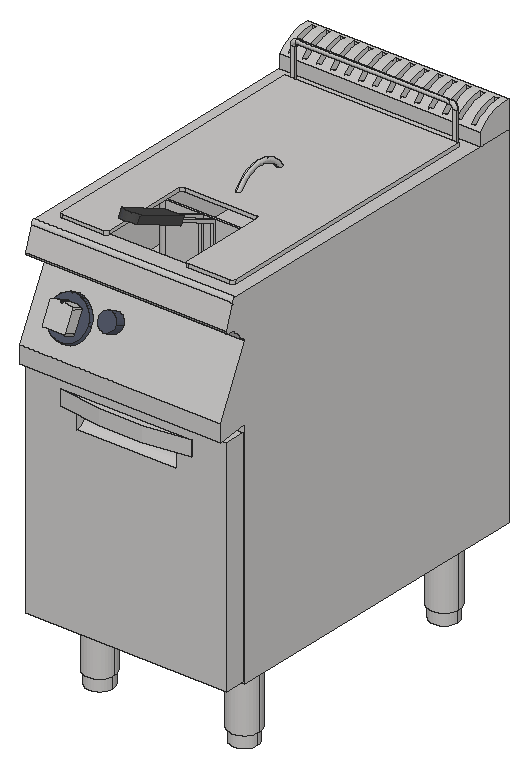
Revit family "QF_ZANUSSI_372068_Z7FRGD1BF0", category Specialty Equipment, Revit 2018
Family settings
  Round Connector Dimension = Use Diameter
  Part Type = Normal
  Work Plane-Based = No
  Always vertical = Yes
  Cut with Voids When Loaded = No
  Shared = No
  Room Calculation Point = No
Parameters
  Width = 400 mm  # constant formula
  Weight in Pounds = 88  # constant formula
  Weight = 0.00 kg
  Watts = 0 W
  Volts = 0 V
  URL Manufacturer = "http://www.zanussiprofessional.com"
  URL Cutsheet = "www.electrolux.com/foodservice"
  URL = "http://www.zanussiprofessional.com"
  Type Mark [instance] = ""
  Steam Supply Size = 0"
  Steam Supply Minimum Pressure = 0.00 psi
  Steam Supply Maximum Pressure = 0.00 psi
  Steam Pounds per Hour = 0
  Status [instance] = ""
  Specification by User [instance] = ""
  Specification by Manufacturer = ""
  Show Logo [instance] = yes
  Show Clearance [instance] = yes
  Serial Number = ""
  Seismic Rating = ""
  SMACNA No = ""
  Revision Code [instance] = ""
  Refrigeration Suction Line Size = 0"
  Refrigeration Liquid Line Size = 0"
  Refrigerant Compressor Remote = yes
  Phase = 0
  Omniclass Number and Title = ""
  NAFEM Spec ID Number = ""
  Model = "Z7FRGD1BF0"
  Mechanical Remarks [instance] = ""
  Mechanical Connection Type [instance] = ""
  Masterspec = ""
  Manufacturer = "Zanussi"
  Length Actual = 400 mm  # constant formula
  Item Number [instance] = "372068"
  Installed By [instance] = ""
  Identify Quantity as Lot [instance] = yes
  Hot Water Size = 0"
  Height Actual = 850 mm  # constant formula
  Height = 333 mm  # constant formula
  HP = "0 HP"
  Gas Size = 1/2"  # constant formula
  Gas RI Height [instance] = 0 mm
  Gas KW [instance] = 7  # constant formula
  Gas Input [instance] = 23863.0 Btu/h  # constant formula
  Gas Connection Height = 0 mm
  Furnished By [instance] = ""
  Foodservice Equipment Identifier [instance] = yes
  Direct Waste Size = 0"
  Description = "7 LITRE GAS FRYER 400 MM"
  Depth Actual = 700 mm  # constant formula
  Depth = 715 mm  # constant formula
  Cycle = 0 Hz
  Condensate Return Size = 0"
  Compressed Air Volume = 0 GPM
  Compressed Air Size = 0"
  Compressed Air Pressure = 0.00 psi
  Cold Water Size = 0"
  CSI MasterFormat = ""
  CSI Master Format = ""
  Base Height [instance] = 150 mm  # constant formula
  Accessory = yes
Reference planes
  plane 1 "BACK": y = 0
  plane 2: z = 0
  plane 3 "LEFT": x = 0
  plane 4 "RIGHT": x = 400
  plane 5 "FRONT": y = -715
  plane 6 "TOP": z = 905
  plane 7 "Center Y": x = 200
  plane 8 "Center X": y = -357.5
  plane 9 "BASETOP": z = 600
  plane 10 "TOP A": z = 850
  plane 11: y = -587.387
  plane 12: y = -90
  plane 13 "BASE": z = 150
  plane 14 "panel": through (-6096, -715, 640.508) normal (0, 0.8956, -0.4448)
Forms (mm)
  Extrusion 1, solid, material "QF_Finishes_Stainless Steel"
    sketch origin (0, 0, 0) x (0, 1, 0) y (0, 0, 1)
      loop
        line (0, 850) -> (-679.358, 850)
        arc (-679.358, 850) -> (-684.643, 847.811) -> (-686.833, 842.526) r 7.474
        line (-686.833, 842.526) -> (-699.884, 797.011)
        arc (-699.884, 797.011) -> (-699.396, 794.379) -> (-697, 793.184) r 3
        line (-697, 793.184) -> (-686.802, 793.184) -> (-654.982, 761.364) -> (-715, 640.508) -> (-715, 605.508) -> (-658.645, 613.428)
        arc (-658.645, 613.428) -> (-656.101, 612.674) -> (-655, 610.259) r 3.2
        line (-655, 610.259) -> (-655, 150) -> (0, 150) -> (0, 850)
      loop
        line (-700, 600) -> (-700, 155) -> (-660, 155) -> (-660, 600) -> (-700, 600)
    from 0 to 400
  Extrusion 2, solid, material "QF_Finishes_Stainless Steel"
    sketch origin (0, 0, 0) x (0, 1, 0) y (0, 0, 1)
      loop
        line (0, 850) -> (0, 905)
        arc (0, 905) -> (-38.078, 897.641) -> (-69.85, 875.4) r 93.057
        line (-69.85, 875.4) -> (-69.85, 850) -> (0, 850)
    from 0 to 400
  Extrusion 3, void
    sketch origin (0, 0, 850) x (-1, 0, 0) y (0, -1, 0)
      loop
        line (-33.338, 90.124) -> (-33.338, 645.265) -> (-366.662, 645.265) -> (-366.662, 90.124) -> (-33.338, 90.124)
    from 0 to -152.4
  Extrusion 4, solid, material "QF_Finishes_Stainless Steel"
    sketch origin (0, 0, 850) x (-1, 0, 0) y (0, -1, 0)
      loop
        arc (-26.988, 645.265) -> (-28.847, 649.755) -> (-33.338, 651.615) r 6.35
        line (-33.338, 651.615) -> (-115.863, 651.615)
        arc (-115.863, 651.615) -> (-120.353, 649.755) -> (-122.213, 645.265) r 6.35
        line (-122.213, 645.265) -> (-122.213, 473.512)
        arc (-122.213, 473.512) -> (-124.072, 469.021) -> (-128.563, 467.162) r 6.35
        line (-128.563, 467.162) -> (-271.437, 467.162)
        arc (-271.437, 467.162) -> (-275.928, 469.021) -> (-277.787, 473.512) r 6.35
        line (-277.787, 473.512) -> (-277.787, 645.29)
        arc (-277.787, 645.29) -> (-279.64, 649.762) -> (-284.113, 651.615) r 6.325
        line (-284.113, 651.615) -> (-366.663, 651.615)
        arc (-366.663, 651.615) -> (-371.153, 649.755) -> (-373.013, 645.265) r 6.35
        line (-373.013, 645.265) -> (-373.013, 90.124) -> (-26.988, 90.124) -> (-26.988, 645.265)
    from 0 to 6.35
  Sweep 5, solid, material "QF_Finishes_Stainless Steel"
    path origin (200, 0, 0) x (0, 1, 0) y (0, 0, 1)
      loop
        arc (-315.761, 850) -> (-370.2, 883.779) -> (-424.639, 850) r 60.757
    profile origin (200, -370.2, 883.779) x (0, 0, -1) y (1, 0, 0)
      loop
        circle (0, 0) r 4.353
  Sweep 6, solid, material "QF_Finishes_Stainless Steel"
    path origin (0, 0, 0) x (1, 0, 0) y (0, 0, 1)
      loop
        line (39.688, 846.263) -> (39.688, 911.35)
        arc (39.688, 911.35) -> (41.547, 915.84) -> (46.038, 917.7) r 6.35
        line (46.038, 917.7) -> (352.225, 917.7)
        arc (352.225, 917.7) -> (356.715, 915.84) -> (358.575, 911.35) r 6.35
        line (358.575, 911.35) -> (358.575, 846.263)
    profile origin (39.688, 0, 878.806) x (-1, 0, 0) y (0, -1, 0)
      loop
        circle (2.09, 83.254) r 3.827
  Extrusion 7, void
    sketch origin (0, 0, 850) x (-1, 0, 0) y (0, -1, 0)
      loop
        line (-13.453, 6.761) -> (-13.453, 63.911) -> (-22.749, 63.911) -> (-22.749, 6.761) -> (-13.453, 6.761)
    from 25.4 to 63.5
  Extrusion 8, void
    sketch origin (400.05, 0, 850) x (1, 0, 0) y (0, 1, 0)
      loop
        line (-13.503, -6.761) -> (-22.799, -6.761) -> (-22.799, -63.911) -> (-13.503, -63.911) -> (-13.503, -6.761)
    from 25.4 to 63.5
  Extrusion 9, void
    sketch origin (27.988, 0, 850) x (-1, 0, 0) y (0, -1, 0)
      loop
        line (-13.453, 6.761) -> (-13.453, 63.911) -> (-22.749, 63.911) -> (-22.749, 6.761) -> (-13.453, 6.761)
    from 25.4 to 63.5
  Extrusion 10, void
    sketch origin (55.977, 0, 850) x (-1, 0, 0) y (0, -1, 0)
      loop
        line (-13.453, 6.761) -> (-13.453, 63.911) -> (-22.749, 63.911) -> (-22.749, 6.761) -> (-13.453, 6.761)
    from 25.4 to 63.5
  Extrusion 11, void
    sketch origin (83.965, 0, 850) x (-1, 0, 0) y (0, -1, 0)
      loop
        line (-13.428, 6.761) -> (-13.428, 63.911) -> (-22.724, 63.911) -> (-22.724, 6.761) -> (-13.428, 6.761)
    from 25.4 to 63.5
  Extrusion 12, void
    sketch origin (111.953, 0, 850) x (-1, 0, 0) y (0, -1, 0)
      loop
        line (-13.428, 6.761) -> (-13.428, 63.911) -> (-22.724, 63.911) -> (-22.724, 6.761) -> (-13.428, 6.761)
    from 25.4 to 63.5
  Extrusion 13, void
    sketch origin (139.942, 0, 850) x (-1, 0, 0) y (0, -1, 0)
      loop
        line (-13.428, 6.761) -> (-13.428, 63.911) -> (-22.724, 63.911) -> (-22.724, 6.761) -> (-13.428, 6.761)
    from 25.4 to 63.5
  Extrusion 14, void
    sketch origin (167.93, 0, 850) x (-1, 0, 0) y (0, -1, 0)
      loop
        line (-13.428, 6.761) -> (-13.428, 63.911) -> (-22.724, 63.911) -> (-22.724, 6.761) -> (-13.428, 6.761)
    from 25.4 to 63.5
  Extrusion 15, void
    sketch origin (195.918, 0, 850) x (-1, 0, 0) y (0, -1, 0)
      loop
        line (-13.428, 6.761) -> (-13.428, 63.911) -> (-22.724, 63.911) -> (-22.724, 6.761) -> (-13.428, 6.761)
    from 25.4 to 63.5
  Extrusion 16, void
    sketch origin (223.907, 0, 850) x (-1, 0, 0) y (0, -1, 0)
      loop
        line (-13.428, 6.761) -> (-13.428, 63.911) -> (-22.724, 63.911) -> (-22.724, 6.761) -> (-13.428, 6.761)
    from 25.4 to 63.5
  Extrusion 17, void
    sketch origin (251.895, 0, 850) x (-1, 0, 0) y (0, -1, 0)
      loop
        line (-13.428, 6.761) -> (-13.428, 63.911) -> (-22.724, 63.911) -> (-22.724, 6.761) -> (-13.428, 6.761)
    from 25.4 to 63.5
  Extrusion 18, void
    sketch origin (279.884, 0, 850) x (-1, 0, 0) y (0, -1, 0)
      loop
        line (-13.403, 6.761) -> (-13.403, 63.911) -> (-22.699, 63.911) -> (-22.699, 6.761) -> (-13.403, 6.761)
    from 25.4 to 63.5
  Extrusion 19, void
    sketch origin (307.872, 0, 850) x (-1, 0, 0) y (0, -1, 0)
      loop
        line (-13.403, 6.761) -> (-13.403, 63.911) -> (-22.699, 63.911) -> (-22.699, 6.761) -> (-13.403, 6.761)
    from 25.4 to 63.5
  Extrusion 20, void
    sketch origin (335.86, 0, 850) x (-1, 0, 0) y (0, -1, 0)
      loop
        line (-13.403, 6.761) -> (-13.403, 63.911) -> (-22.699, 63.911) -> (-22.699, 6.761) -> (-13.403, 6.761)
    from 25.4 to 63.5
  Extrusion 21, solid, material "QF_Finishes_Clearance", visible <- "Show Clearance", detail levels coarse
    sketch origin (0, 0, 0) x (1, 0, 0) y (0, 1, 0)
      loop
        line (0, -715) -> (0, 0) -> (400, 0) -> (400, -715) -> (550.019, -715) -> (550.019, 150.019) -> (-150.019, 150.019) -> (-150.019, -715) -> (0, -715)
    from 0 to 905
  Extrusion 22, solid, material "QF_Finishes_Black"
    sketch origin (265.962, -698.333, 942.26) x (0, 0.906308, -0.422618) y (-1, 0, 0)
      loop
        line (10.103, 47.345) -> (128.716, 47.345) -> (128.716, 84.58) -> (10.103, 84.58)
        arc (10.103, 84.58) -> (-0.124, 65.962) -> (10.103, 47.345) r 22.059
    from -15.884 to 0
  Extrusion 23, solid, material "QF_Finishes_Stainless Steel"
    sketch origin (265.962, 41.275, 0) x (0, 1, 0) y (0, 0, 1)
      loop
        line (-537.413, 741) -> (-537.413, 842.478) -> (-624.966, 883.305) -> (-627.65, 877.55) -> (-543.763, 838.433) -> (-543.763, 741) -> (-537.413, 741)
    from -80.476 to -74.619
  Extrusion 24, solid, material "QF_Finishes_Stainless Steel"
    sketch origin (134.088, 41.275, 0) x (0, 1, 0) y (0, 0, -1)
      loop
        line (-543.763, -838.433) -> (-627.65, -877.55) -> (-624.966, -883.305) -> (-537.413, -842.478) -> (-537.413, -741) -> (-543.763, -741) -> (-543.763, -838.433)
    from -80.476 to -74.619
  Extrusion 25, solid, material "QF_Finishes_Mesh"
    sketch origin (0, 0, 850) x (-1, 0, 0) y (0, -1, 0)
      loop
        arc (-116.6, 131.498) -> (-98.64, 138.937) -> (-91.2, 156.898) r 25.4
        line (-91.2, 156.898) -> (-91.2, 473.61)
        arc (-91.2, 473.61) -> (-98.64, 491.571) -> (-116.6, 499.01) r 25.4
        line (-116.6, 499.01) -> (-294.375, 499.01)
        arc (-294.375, 499.01) -> (-312.336, 491.571) -> (-319.775, 473.61) r 25.4
        line (-319.775, 473.61) -> (-319.775, 156.898)
        arc (-319.775, 156.898) -> (-312.336, 138.937) -> (-294.375, 131.498) r 25.4
        line (-294.375, 131.498) -> (-116.6, 131.498)
      loop
        arc (-116.6, 134.673) -> (-100.885, 141.182) -> (-94.375, 156.898) r 22.225
        line (-94.375, 156.898) -> (-94.375, 473.61)
        arc (-94.375, 473.61) -> (-100.885, 489.326) -> (-116.6, 495.835) r 22.225
        line (-116.6, 495.835) -> (-294.375, 495.835)
        arc (-294.375, 495.835) -> (-310.091, 489.326) -> (-316.6, 473.61) r 22.225
        line (-316.6, 473.61) -> (-316.6, 156.898)
        arc (-316.6, 156.898) -> (-310.091, 141.182) -> (-294.375, 134.673) r 22.225
        line (-294.375, 134.673) -> (-116.6, 134.673)
    from -109 to -5.315
  Revolve 26, solid, material "QF_Finishes_Stainless Steel"
    sketch origin (0, -587.387, 608.09) x (0, 0, 1) y (-1, 0, 0)
      loop
        line (-608.09, -56) -> (-458.09, -56) -> (-458.09, -26) -> (-583.09, -26) -> (-583.09, -29.75) -> (-608.09, -29.75) -> (-608.09, -56)
      axis (-608.09, -56) -> (-458.09, -56)
    angle from 0 to 360
  Revolve 27, solid, material "QF_Finishes_Stainless Steel"
    sketch origin (400.05, -587.387, 608.09) x (0, 0, 1) y (-1, 0, 0)
      loop
        line (-608.09, 56.05) -> (-608.09, 29.8) -> (-583.09, 29.8) -> (-583.09, 26.05) -> (-458.09, 26.05) -> (-458.09, 56.05) -> (-608.09, 56.05)
      axis (-608.09, 56.05) -> (-458.09, 56.05)
    angle from 0 to 360
  Revolve 28, solid, material "QF_Finishes_Stainless Steel"
    sketch origin (0, -90, 608.09) x (0, 0, 1) y (-1, 0, 0)
      loop
        line (-608.09, -56) -> (-458.09, -56) -> (-458.09, -26) -> (-583.09, -26) -> (-583.09, -29.75) -> (-608.09, -29.75) -> (-608.09, -56)
      axis (-608.09, -56) -> (-458.09, -56)
    angle from 0 to 360
  Revolve 29, solid, material "QF_Finishes_Stainless Steel"
    sketch origin (400.05, -90, 608.09) x (0, 0, 1) y (-1, 0, 0)
      loop
        line (-608.09, 56.05) -> (-608.09, 29.8) -> (-583.09, 29.8) -> (-583.09, 26.05) -> (-458.09, 26.05) -> (-458.09, 56.05) -> (-608.09, 56.05)
      axis (-608.09, 56.05) -> (-458.09, 56.05)
    angle from 0 to 360
  Extrusion 30, void
    sketch origin (200, -27.863, 0) x (0, 1, 0) y (0, 0, 1)
      loop
        line (-672.137, 567) -> (-672.137, 517)
        arc (-672.137, 517) -> (-656.47, 524.721) -> (-650.137, 541) r 24.091
        line (-650.137, 541) -> (-650.137, 567) -> (-672.137, 567)
    from -100 to 100
  Extrusion 31, solid, material "QF_Finishes_Door Clearance", visible <- "Show Clearance", detail levels coarse
    sketch origin (0, 0, 850) x (-1, 0, 0) y (0, -1, 0)
      loop
        arc (0, 672.137) -> (-117.157, 954.98) -> (-400, 1072.137) r 400
        line (-400, 1072.137) -> (-400, 672.137) -> (0, 672.137)
    from -695 to -250
  Extrusion 32, solid, material "QF_Finishes_Stainless Steel"
    sketch origin (-77.88, -4572, 150) x (-1, 0, 0) y (0, -1, 0)
      loop
        circle (-425.88, -4067) r 6.35
    from 0 to -12.7
  Blend 33, solid, material "QF_Finishes_Navy Blue"
    base sketch origin (75, -684.991, 700.936) x (1, 0, 0) y (0, 0.444781, 0.895639)
      loop
        circle (0, 0) r 42.5
    top sketch origin (75, -684.991, 700.936) x (1, 0, 0) y (0, 0.444781, 0.895639)
      loop
        circle (0, 0) r 40.5
    from 0 to 5
  Extrusion 34, solid, material "QF_Finishes_Stainless Steel"
    sketch origin (75, -684.991, 700.936) x (1, 0, 0) y (0, 0.444781, 0.895639)
      loop
        arc (-21.147, 22.789) -> (-22.494, 21.685) -> (-23, 20.019) r 2.997
        line (-23, 20.019) -> (-23, -20.019)
        arc (-23, -20.019) -> (-22.122, -22.138) -> (-20.003, -23.016) r 2.997
        line (-20.003, -23.016) -> (20.003, -23.016)
        arc (20.003, -23.016) -> (22.122, -22.138) -> (23, -20.019) r 2.997
        line (23, -20.019) -> (23, 20.019)
        arc (23, 20.019) -> (22.494, 21.685) -> (21.147, 22.789) r 2.997
        arc (21.147, 22.789) -> (0, 26.984) -> (-21.147, 22.789) r 55.4
    from 10 to 34
  Extrusion 35, solid, material "QF_Finishes_Stainless Steel"
    sketch origin (75, -684.991, 700.936) x (1, 0, 0) y (0, 0.444781, 0.895639)
      loop
        line (17.5, 17.5) -> (-17.5, 17.5) -> (-17.5, -17.5) -> (17.5, -17.5) -> (17.5, 17.5)
    from 5 to 10
  Extrusion 36, solid, material "QF_Plastic-Black-Matte"
    sketch origin (17.5, -684.991, 700.936) x (0, 0.444781, 0.895639) y (0, 0.895639, -0.444781)
      loop
        line (26.984, -34) -> (23.984, -34) -> (23.984, -35) -> (26.984, -35)
        arc (26.984, -35) -> (27.691, -34.707) -> (27.984, -34) r 1
        line (27.984, -34) -> (27.984, -19) -> (26.984, -19) -> (26.984, -34)
    from -58.5 to -56.5
  Extrusion 37, solid, material "QF_Finishes_Navy Blue"
    sketch origin (214.001, -676.095, 718.849) x (1, 0, 0) y (0, 0.444781, 0.895639)
      loop
        circle (-55.001, 0) r 18
    from 3 to 23
  Extrusion 38, solid, material "QF_Finishes_Stainless Steel"
    sketch origin (75, -676.095, 718.849) x (1, 0, 0) y (0, 0.444781, 0.895639)
      loop
        circle (84, 0) r 15
    from 3 to 0
  Extrusion 39, solid, material "QF_Finishes_Stainless Steel"
    sketch origin (-77.88, -4572, 150) x (-1, 0, 0) y (0, -1, 0)
      loop
        arc (-147.606, -3871.085) -> (-277.88, -3857) -> (-408.153, -3871.085) r 609.497
        line (-408.153, -3871.085) -> (-408.153, -3872) -> (-147.606, -3872) -> (-147.606, -3871.085)
    from 400 to 430
Cuts and joins
  Extrusion 3, Extrusion 7, Extrusion 30 cuts Extrusion 1
  joined: Extrusion 4, Sweep 5
  Extrusion 7, Extrusion 8, Extrusion 9, Extrusion 10, Extrusion 11, Extrusion 12, Extrusion 13, Extrusion 14, Extrusion 15, Extrusion 16, Extrusion 17, Extrusion 18, Extrusion 19, Extrusion 20 cuts Extrusion 2
  Extrusion 30 cuts Extrusion 21
Lines and regions (mm)
  Split face 1
    outline origin (75, -689.469, 703.16) x (1, 0, 0) y (0, 0.444781, 0.895639)
      loop
        circle (-30.633, -14.752) r 1.5
  Split face 2
    outline origin (75, -689.469, 703.16) x (1, 0, 0) y (0, 0.444781, 0.895639)
      loop
        circle (-21.199, -26.582) r 1.5
  Split face 3
    outline origin (75, -689.469, 703.16) x (1, 0, 0) y (0, 0.444781, 0.895639)
      loop
        circle (-7.566, -33.148) r 1.5
  Split face 4
    outline origin (75, -689.469, 703.16) x (1, 0, 0) y (0, 0.444781, 0.895639)
      loop
        circle (7.566, -33.148) r 1.5
  Split face 5
    outline origin (75, -689.469, 703.16) x (1, 0, 0) y (0, 0.444781, 0.895639)
      loop
        circle (21.199, -26.582) r 1.5
  Split face 6
    outline origin (75, -689.469, 703.16) x (1, 0, 0) y (0, 0.444781, 0.895639)
      loop
        circle (30.633, -14.752) r 1.5
  Split face 7
    outline origin (75, -689.469, 703.16) x (1, 0, 0) y (0, 0.444781, 0.895639)
      loop
        circle (34, 0) r 1.5
  Split face 8
    outline origin (75, -689.469, 703.16) x (1, 0, 0) y (0, 0.444781, 0.895639)
      loop
        circle (-21.199, 26.582) r 2.5
  Split face 9
    outline origin (75, -689.469, 703.16) x (1, 0, 0) y (0, 0.444781, 0.895639)
      loop
        circle (0, 35.811) r 2.031
  Split face 10
    outline origin (75, -689.469, 703.16) x (1, 0, 0) y (0, -0.444781, -0.895639)
      loop
        circle (30.633, -14.752) r 1.5
  Split face 11
    outline origin (75, -689.469, 703.16) x (1, 0, 0) y (0, -0.444781, -0.895639)
      loop
        circle (21.199, -26.582) r 1.5
  symbolic lines, style "QF-Clearances", visible <- "Show Clearance", detail levels coarse
    curve 1: line (-150.019, 150.019, 850) -> (-150.019, -716.377, 850)
    curve 2: line (550.019, 150.019, 850) -> (-150.019, 150.019, 850)
    curve 3: line (550.019, -716.377, 850) -> (550.019, 150.019, 850)
  symbolic lines
    curve 4: line (0, 0, 850) -> (400, 0, 850)
    curve 5: line (0, -715, 850) -> (0, 0, 850)
    curve 6: line (400, 0, 850) -> (400, -715, 850)
    curve 7: line (22.724, -6.761, 850) -> (22.724, -63.911, 850)
    curve 8: line (22.724, -63.911, 850) -> (13.428, -63.911, 850)
    curve 9: line (13.428, -63.911, 850) -> (13.428, -6.761, 850)
    curve 10: line (13.428, -6.761, 850) -> (22.724, -6.761, 850)
    curve 11: line (386.547, -6.761, 850) -> (386.547, -63.911, 850)
    curve 12: line (386.547, -63.911, 850) -> (377.251, -63.911, 850)
    curve 13: line (377.251, -63.911, 850) -> (377.251, -6.761, 850)
    curve 14: line (377.251, -6.761, 850) -> (386.547, -6.761, 850)
    curve 15: line (50.712, -6.761, 850) -> (50.712, -63.911, 850)
    curve 16: line (50.712, -63.911, 850) -> (41.416, -63.911, 850)
    curve 17: line (41.416, -63.911, 850) -> (41.416, -6.761, 850)
    curve 18: line (41.416, -6.761, 850) -> (50.712, -6.761, 850)
    curve 19: line (78.7, -6.761, 850) -> (78.7, -63.911, 850)
    curve 20: line (78.7, -63.911, 850) -> (69.405, -63.911, 850)
    curve 21: line (69.405, -63.911, 850) -> (69.405, -6.761, 850)
    curve 22: line (69.405, -6.761, 850) -> (78.7, -6.761, 850)
    curve 23: line (106.689, -6.761, 850) -> (106.689, -63.911, 850)
    curve 24: line (106.689, -63.911, 850) -> (97.393, -63.911, 850)
    curve 25: line (97.393, -63.911, 850) -> (97.393, -6.761, 850)
    curve 26: line (97.393, -6.761, 850) -> (106.689, -6.761, 850)
    curve 27: line (134.677, -6.761, 850) -> (134.677, -63.911, 850)
    curve 28: line (134.677, -63.911, 850) -> (125.381, -63.911, 850)
    curve 29: line (125.381, -63.911, 850) -> (125.381, -6.761, 850)
    curve 30: line (125.381, -6.761, 850) -> (134.677, -6.761, 850)
    curve 31: line (162.665, -6.761, 850) -> (162.665, -63.911, 850)
    curve 32: line (162.665, -63.911, 850) -> (153.37, -63.911, 850)
    curve 33: line (153.37, -63.911, 850) -> (153.37, -6.761, 850)
    curve 34: line (153.37, -6.761, 850) -> (162.665, -6.761, 850)
    curve 35: line (190.654, -6.761, 850) -> (190.654, -63.911, 850)
    curve 36: line (190.654, -63.911, 850) -> (181.358, -63.911, 850)
    curve 37: line (181.358, -63.911, 850) -> (181.358, -6.761, 850)
    curve 38: line (181.358, -6.761, 850) -> (190.654, -6.761, 850)
    curve 39: line (218.642, -6.761, 850) -> (218.642, -63.911, 850)
    curve 40: line (218.642, -63.911, 850) -> (209.346, -63.911, 850)
    curve 41: line (209.346, -63.911, 850) -> (209.346, -6.761, 850)
    curve 42: line (209.346, -6.761, 850) -> (218.642, -6.761, 850)
    curve 43: line (246.605, -6.761, 850) -> (246.605, -63.911, 850)
    curve 44: line (246.605, -63.911, 850) -> (237.31, -63.911, 850)
    curve 45: line (237.31, -63.911, 850) -> (237.31, -6.761, 850)
    curve 46: line (237.31, -6.761, 850) -> (246.605, -6.761, 850)
    curve 47: line (274.594, -6.761, 850) -> (274.594, -63.911, 850)
    curve 48: line (274.594, -63.911, 850) -> (265.298, -63.911, 850)
    curve 49: line (265.298, -63.911, 850) -> (265.298, -6.761, 850)
    curve 50: line (265.298, -6.761, 850) -> (274.594, -6.761, 850)
    curve 51: line (302.582, -6.761, 850) -> (302.582, -63.911, 850)
    curve 52: line (302.582, -63.911, 850) -> (293.286, -63.911, 850)
    curve 53: line (293.286, -63.911, 850) -> (293.286, -6.761, 850)
    curve 54: line (293.286, -6.761, 850) -> (302.582, -6.761, 850)
    curve 55: line (330.57, -6.761, 850) -> (330.57, -63.911, 850)
    curve 56: line (330.57, -63.911, 850) -> (321.275, -63.911, 850)
    curve 57: line (321.275, -63.911, 850) -> (321.275, -6.761, 850)
    curve 58: line (321.275, -6.761, 850) -> (330.57, -6.761, 850)
    curve 59: line (358.559, -6.761, 850) -> (358.559, -63.911, 850)
    curve 60: line (358.559, -63.911, 850) -> (349.263, -63.911, 850)
    curve 61: line (349.263, -63.911, 850) -> (349.263, -6.761, 850)
    curve 62: line (349.263, -6.761, 850) -> (358.559, -6.761, 850)
    curve 63: line (26.988, -90.124, 850) -> (26.988, -645.265, 850)
    curve 64: arc (26.988, -645.265, 850) -> (28.847, -649.755, 850) -> (33.338, -651.615, 850) r 6.35
    curve 65: line (33.338, -651.615, 850) -> (115.863, -651.615, 850)
    curve 66: arc (115.863, -651.615, 850) -> (120.353, -649.755, 850) -> (122.213, -645.265, 850) r 6.35
    curve 67: line (122.213, -645.265, 850) -> (122.213, -473.512, 850)
    curve 68: arc (122.213, -473.512, 850) -> (124.072, -469.021, 850) -> (128.563, -467.162, 850) r 6.35
    curve 69: line (128.563, -467.162, 850) -> (271.413, -467.162, 850)
    curve 70: arc (271.413, -467.162, 850) -> (275.903, -469.021, 850) -> (277.763, -473.512, 850) r 6.35
    curve 71: line (277.763, -473.512, 850) -> (277.763, -645.265, 850)
    curve 72: arc (277.763, -645.265, 850) -> (279.622, -649.755, 850) -> (284.113, -651.615, 850) r 6.35
    curve 73: line (284.113, -651.615, 850) -> (366.663, -651.615, 850)
    curve 74: arc (366.663, -651.615, 850) -> (371.153, -649.755, 850) -> (373.013, -645.265, 850) r 6.35
    curve 75: line (373.013, -645.265, 850) -> (373.013, -90.124, 850)
    curve 76: line (373.013, -90.124, 850) -> (26.988, -90.124, 850)
    curve 77: line (31.725, -69.85, 850) -> (0, -69.85, 850)
    curve 78: line (0, -69.85, 850) -> (0, -63.012, 850)
    curve 79: line (0, -69.85, 850) -> (400, -69.85, 850)
    curve 80: line (201.587, -90.124, 850) -> (366.663, -90.124, 850)
    curve 81: line (33.313, -90.124, 850) -> (198.412, -90.124, 850)
    curve 82: line (218.617, -695.889, 850) -> (218.617, -581.677, 850)
    curve 83: line (181.383, -581.677, 850) -> (181.383, -695.889, 850)
    curve 84: line (218.617, -581.677, 850) -> (181.383, -581.677, 850)
    curve 85: spline (218.617, -695.889, 850) -> (216.385, -698.551, 850) -> (213.694, -700.839, 850) -> (210.621, -702.688, 850) -> (207.25, -704.047, 850) -> (203.676, -704.878, 850) -> (200, -705.158, 850) -> (196.324, -704.878, 850) -> (192.75, -704.047, 850) -> (189.379, -702.688, 850) -> (186.306, -700.839, 850) -> (183.615, -698.551, 850) -> (181.383, -695.889, 850)
    curve 86: line (218.617, -645.265, 850) -> (277.763, -645.265, 850)
    curve 87: line (181.383, -645.265, 850) -> (122.213, -645.265, 850)
    curve 88: line (191.318, -499.01, 850) -> (191.318, -581.677, 850)
    curve 89: line (185.462, -581.677, 850) -> (185.462, -499.01, 850)
    curve 90: line (214.538, -499.01, 850) -> (214.538, -581.677, 850)
    curve 91: line (208.682, -581.677, 850) -> (208.682, -499.01, 850)
    curve 92: spline (181.383, -689.176, 850) -> (183.615, -691.839, 850) -> (186.306, -694.126, 850) -> (189.379, -695.976, 850) -> (192.75, -697.335, 850) -> (196.324, -698.166, 850) -> (200, -698.445, 850) -> (203.676, -698.166, 850) -> (207.25, -697.335, 850) -> (210.621, -695.976, 850) -> (213.694, -694.126, 850) -> (216.385, -691.839, 850) -> (218.617, -689.176, 850)
    curve 93: line (195.545, -420.932, 850) -> (195.545, -319.469, 850)
    curve 94: line (204.443, -319.469, 850) -> (204.443, -420.932, 850)
    curve 95: arc (195.545, -420.932, 850) -> (199.994, -425.382, 850) -> (204.443, -420.932, 850) r 4.449
    curve 96: arc (195.545, -319.469, 850) -> (199.994, -315.02, 850) -> (204.443, -319.469, 850) r 4.449
    curve 97: line (37.573, -79.289, 850) -> (362.402, -79.289, 850)
    curve 98: line (37.573, -86.944, 850) -> (37.573, -79.289, 850)
    curve 99: line (362.402, -86.944, 850) -> (37.573, -86.944, 850)
    curve 100: line (362.402, -79.289, 850) -> (362.402, -86.944, 850)
    curve 101: line (122.213, -499.01, 850) -> (277.763, -499.01, 850)
    curve 102: line (122.213, -495.835, 850) -> (277.763, -495.835, 850)
    curve 105: line (0, -700, 0) -> (185.218, -700, 0)
    curve 106: line (52, -700, 0) -> (52, -724.347, 0)
    curve 107: arc (52, -724.347, 0) -> (52.146, -724.811, 0) -> (52.532, -725.107, 0) r 0.809
    curve 108: arc (52.532, -725.107, 0) -> (53.72, -725.587, 0) -> (54.997, -725.68, 0) r 4.127
    curve 109: arc (52, -704.292, 0) -> (46.959, -702.458, 0) -> (42.191, -700, 0) r 42.24
    curve 110: arc (52, -706.539, 0) -> (52.502, -705.818, 0) -> (53.299, -705.448, 0) r 1.682
    curve 111: arc (53.299, -705.448, 0) -> (63.602, -703.95, 0) -> (74, -703.441, 0) r 109.079
    curve 112: line (74, -700, 0) -> (74, -705.671, 0)
    curve 113: line (74, -705.671, 0) -> (76, -705.671, 0)
    curve 114: line (76, -705.671, 0) -> (76, -700, 0)
    curve 115: line (98, -700, 0) -> (98, -724.347, 0)
    curve 116: arc (98, -724.347, 0) -> (97.854, -724.811, 0) -> (97.468, -725.107, 0) r 0.809
    curve 117: arc (97.468, -725.107, 0) -> (96.28, -725.587, 0) -> (95.003, -725.68, 0) r 4.127
    curve 118: arc (98, -704.292, 0) -> (103.041, -702.458, 0) -> (107.809, -700, 0) r 42.24
    curve 119: arc (98, -706.539, 0) -> (97.498, -705.818, 0) -> (96.701, -705.448, 0) r 1.682
    curve 120: arc (96.701, -705.448, 0) -> (86.398, -703.95, 0) -> (76, -703.441, 0) r 109.079
    curve 121: line (54.997, -725.68, 0) -> (95.003, -725.68, 0)
    curve 122: line (98, -715, 0) -> (400.05, -715, 0)
    curve 123: line (0, -715, 0) -> (52, -715, 0)
    curve 124: line (214.792, -700, 0) -> (400.05, -700, 0)
  symbolic lines, style "QF-Door Swings"
    curve 103: arc (2.303, -715, 850) -> (19.743, -796.254, 850) -> (53.597, -872.15, 850) r 400
    curve 104: line (53.597, -872.15, 850) -> (325.76, -715, 850)
  symbolic lines, style "SpecialityEquipment"
    curve 125: spline (142.605, -700, 850) -> (144.313, -701.323, 850) -> (146.554, -702.479, 850) -> (149.247, -703.424, 850) -> (152.294, -704.125, 850) -> (155.585, -704.556, 850) -> (159, -704.701, 850) -> (162.415, -704.556, 850) -> (165.706, -704.125, 850) -> (168.753, -703.424, 850) -> (171.446, -702.479, 850) -> (173.687, -701.323, 850) -> (175.395, -700, 850)
Dimensions and locks
  equal spacing: plane 3 "LEFT", plane 7 "Center Y", plane 4 "RIGHT"
  "Width": plane 3 "LEFT" to plane 4 "RIGHT"
  equal spacing: plane 5 "FRONT", plane 8 "Center X", plane 1 "BACK"
  "Depth": plane 5 "FRONT" to plane 1 "BACK"
  plane 1 "BACK" to plane 5 "FRONT" = 715 mm
  plane 10 "TOP A" to plane 9 "BASETOP" = 250 mm
  locked: plane 6 "TOP" to plane 10 "TOP A" at 55
  "Base Height": plane 13 "BASE" to level
  plane 10 "TOP A" to plane 13 "BASE" = 700 mm
  aligned and locked: level to plane 2
  aligned and locked: plane 4 "RIGHT" to Extrusion 1
  aligned and locked: plane 4 "RIGHT" to Extrusion 2
  aligned and locked: plane 6 "TOP" to Extrusion 21
  aligned and locked: plane 10 "TOP A" to Extrusion 2 sketch curve
Automatic sketch dimensions
  Extrusion 2 sketch curve to plane 1 "BACK" = 0 mm
  Extrusion 2 sketch curve to plane 6 "TOP" = 0 mm
  plane 1 "BACK" to Extrusion 2 sketch curve = 1.769 mm
  plane 10 "TOP A" to Extrusion 2 sketch curve = 25.4 mm
  plane 1 "BACK" to Extrusion 2 sketch curve = 69.85 mm
  plane 12 to Extrusion 3 sketch curve = 0.124 mm
  Extrusion 3 sketch curve to plane 4 "RIGHT" = 33.337 mm
  plane 3 "LEFT" to Extrusion 3 sketch curve = 33.338 mm
  plane 11 to Extrusion 3 sketch curve = 57.877 mm
  plane 12 to Extrusion 4 sketch curve = 0.124 mm
  Extrusion 4 sketch curve to plane 4 "RIGHT" = 26.987 mm
  Extrusion 4 sketch curve to Extrusion 4 sketch curve = 6.35 mm  (x3)
  Extrusion 4 sketch curve to Extrusion 4 sketch curve = 82.55 mm
  plane 7 "Center Y" to Extrusion 4 sketch curve = 77.787 mm
  Extrusion 4 sketch curve to plane 7 "Center Y" = 71.437 mm
  Extrusion 4 sketch curve to plane 7 "Center Y" = 77.787 mm
  plane 3 "LEFT" to Extrusion 4 sketch curve = 33.338 mm
  plane 3 "LEFT" to Extrusion 4 sketch curve = 26.988 mm
  Extrusion 4 sketch curve to plane 8 "Center X" = 109.662 mm
  plane 11 to Extrusion 4 sketch curve = 57.877 mm  (x2)
  Sweep 5 sketch curve to plane 10 "TOP A" = 0 mm  (x2)
  Sweep 5 sketch curve to plane 8 "Center X" = 67.139 mm
  Sweep 5 sketch curve to plane 8 "Center X" = 12.7 mm
  Sweep 5 sketch curve to plane 10 "TOP A" = 26.978 mm
  Sweep 5 sketch curve to plane 7 "Center Y" = 0 mm
  Sweep 5 sketch curve to profile plane = 0 mm
  plane 6 "TOP" to Sweep 6 sketch curve = 6.35 mm  (x2)
  plane 3 "LEFT" to Sweep 6 sketch curve = 39.688 mm
  Sweep 6 sketch curve to Sweep 6 sketch curve = 6.35 mm
  Sweep 6 sketch curve to plane 4 "RIGHT" = 47.775 mm
  Sweep 6 sketch curve to plane 10 "TOP A" = 3.737 mm  (x2)
  Sweep 6 sketch curve to profile plane = 2.09 mm
  plane 1 "BACK" to Sweep 6 sketch curve = 83.254 mm
  plane 1 "BACK" to Extrusion 7 sketch curve = 6.761 mm
  plane 3 "LEFT" to Extrusion 7 sketch curve = 22.749 mm
  Extrusion 7 sketch curve to Extrusion 7 sketch curve = 9.296 mm
  Extrusion 7 sketch curve to Extrusion 7 sketch curve = 57.15 mm
  Extrusion 8 sketch curve to plane 1 "BACK" = 6.761 mm
  plane 4 "RIGHT" to Extrusion 8 sketch curve = 22.749 mm
  Extrusion 8 sketch curve to Extrusion 8 sketch curve = 9.296 mm
  Extrusion 8 sketch curve to Extrusion 8 sketch curve = 57.15 mm
  plane 1 "BACK" to Extrusion 9 sketch curve = 6.761 mm
  plane 3 "LEFT" to Extrusion 9 sketch curve = 50.737 mm
  Extrusion 9 sketch curve to Extrusion 9 sketch curve = 9.296 mm
  Extrusion 9 sketch curve to Extrusion 9 sketch curve = 57.15 mm
  plane 1 "BACK" to Extrusion 10 sketch curve = 6.761 mm
  plane 3 "LEFT" to Extrusion 10 sketch curve = 78.725 mm
  Extrusion 10 sketch curve to Extrusion 10 sketch curve = 9.296 mm
  Extrusion 10 sketch curve to Extrusion 10 sketch curve = 57.15 mm
  plane 1 "BACK" to Extrusion 11 sketch curve = 6.761 mm
  Extrusion 11 sketch curve to plane 7 "Center Y" = 93.311 mm
  Extrusion 11 sketch curve to Extrusion 11 sketch curve = 9.296 mm
  Extrusion 11 sketch curve to Extrusion 11 sketch curve = 57.15 mm
  plane 1 "BACK" to Extrusion 12 sketch curve = 6.761 mm
  Extrusion 12 sketch curve to plane 7 "Center Y" = 65.323 mm
  Extrusion 12 sketch curve to Extrusion 12 sketch curve = 9.296 mm
  Extrusion 12 sketch curve to Extrusion 12 sketch curve = 57.15 mm
  plane 1 "BACK" to Extrusion 13 sketch curve = 6.761 mm
  Extrusion 13 sketch curve to plane 7 "Center Y" = 37.335 mm
  Extrusion 13 sketch curve to Extrusion 13 sketch curve = 9.296 mm
  Extrusion 13 sketch curve to Extrusion 13 sketch curve = 57.15 mm
  Extrusion 14 sketch curve to plane 7 "Center Y" = 9.346 mm
  Extrusion 14 sketch curve to Extrusion 14 sketch curve = 9.296 mm
  plane 1 "BACK" to Extrusion 14 sketch curve = 6.761 mm
  Extrusion 14 sketch curve to Extrusion 14 sketch curve = 57.15 mm
  plane 1 "BACK" to Extrusion 15 sketch curve = 6.761 mm
  plane 7 "Center Y" to Extrusion 15 sketch curve = 18.642 mm
  Extrusion 15 sketch curve to Extrusion 15 sketch curve = 9.296 mm
  Extrusion 15 sketch curve to Extrusion 15 sketch curve = 57.15 mm
  plane 1 "BACK" to Extrusion 16 sketch curve = 6.761 mm
  plane 7 "Center Y" to Extrusion 16 sketch curve = 46.63 mm
  Extrusion 16 sketch curve to Extrusion 16 sketch curve = 9.296 mm
  Extrusion 16 sketch curve to Extrusion 16 sketch curve = 57.15 mm
  plane 1 "BACK" to Extrusion 17 sketch curve = 6.761 mm
  plane 7 "Center Y" to Extrusion 17 sketch curve = 74.619 mm
  Extrusion 17 sketch curve to Extrusion 17 sketch curve = 9.296 mm
  Extrusion 17 sketch curve to Extrusion 17 sketch curve = 57.15 mm
  plane 1 "BACK" to Extrusion 18 sketch curve = 6.761 mm
  Extrusion 18 sketch curve to plane 4 "RIGHT" = 97.418 mm
  Extrusion 18 sketch curve to Extrusion 18 sketch curve = 9.296 mm
  Extrusion 18 sketch curve to Extrusion 18 sketch curve = 57.15 mm
  plane 1 "BACK" to Extrusion 19 sketch curve = 6.761 mm
  Extrusion 19 sketch curve to plane 4 "RIGHT" = 69.43 mm
  Extrusion 19 sketch curve to Extrusion 19 sketch curve = 9.296 mm
  Extrusion 19 sketch curve to Extrusion 19 sketch curve = 57.15 mm
  plane 1 "BACK" to Extrusion 20 sketch curve = 6.761 mm
  Extrusion 20 sketch curve to plane 4 "RIGHT" = 41.441 mm
  Extrusion 20 sketch curve to Extrusion 20 sketch curve = 9.296 mm
  Extrusion 20 sketch curve to Extrusion 20 sketch curve = 57.15 mm
  plane 1 "BACK" to Extrusion 21 sketch curve = 0 mm
  Extrusion 21 sketch curve to plane 3 "LEFT" = 0 mm
  Extrusion 21 sketch curve to plane 4 "RIGHT" = 0 mm
  Extrusion 21 sketch curve to plane 3 "LEFT" = 150.019 mm
  plane 5 "FRONT" to Extrusion 21 sketch curve = 0 mm  (x2)
  plane 4 "RIGHT" to Extrusion 21 sketch curve = 150.019 mm
  Extrusion 21 sketch curve to plane 1 "BACK" = 150.019 mm
  Extrusion 22 sketch curve to plane 7 "Center Y" = 0 mm
  plane 7 "Center Y" to Extrusion 22 sketch curve = 18.617 mm
  Extrusion 22 sketch curve to plane 7 "Center Y" = 18.617 mm
  Extrusion 22 sketch curve to Extrusion 22 sketch curve = 11.832 mm
  Extrusion 22 sketch curve to Extrusion 22 sketch curve = 106.78 mm
  Extrusion 23 sketch curve to plane 11 = 1.013 mm
  Extrusion 23 sketch curve to plane 11 = 3.696 mm
  Extrusion 23 sketch curve to plane 10 "TOP A" = 11.567 mm
  Extrusion 23 sketch curve to plane 11 = 84.899 mm
  Extrusion 23 sketch curve to plane 10 "TOP A" = 7.522 mm
  Extrusion 23 sketch curve to Extrusion 23 sketch curve = 6.35 mm
  Extrusion 23 sketch curve to Extrusion 23 sketch curve = 97.432 mm
  Extrusion 24 sketch curve to plane 11 = 1.013 mm
  Extrusion 24 sketch curve to plane 11 = 3.696 mm
  Extrusion 24 sketch curve to plane 10 "TOP A" = 11.567 mm
  Extrusion 24 sketch curve to plane 11 = 84.899 mm
  Extrusion 24 sketch curve to Extrusion 24 sketch curve = 6.35 mm
  Extrusion 24 sketch curve to plane 10 "TOP A" = 7.522 mm
  Extrusion 24 sketch curve to Extrusion 24 sketch curve = 97.432 mm
  Extrusion 25 sketch curve to Extrusion 25 sketch curve = 0 mm  (x8)
  Extrusion 25 sketch curve to plane 4 "RIGHT" = 80.225 mm
  Extrusion 25 sketch curve to Extrusion 25 sketch curve = 3.175 mm
  Extrusion 25 sketch curve to Extrusion 25 sketch curve = 22.225 mm  (x3)
  plane 12 to Extrusion 25 sketch curve = 44.673 mm
  Extrusion 25 sketch curve to plane 7 "Center Y" = 83.4 mm  (x2)
  Extrusion 25 sketch curve to plane 8 "Center X" = 116.11 mm
  Revolve 26 sketch curve to level = 0 mm
  Revolve 26 sketch curve to plane 13 "BASE" = 0 mm  (x2)
  level to Revolve 26 sketch curve = 25 mm
  Revolve 26 sketch curve to Revolve 26 sketch curve = 20 mm
  plane 3 "LEFT" to Revolve 26 sketch curve = 56 mm
  Revolve 26 sketch curve to Revolve 26 sketch curve = 0 mm
  plane 3 "LEFT" to Revolve 26 sketch curve = 29.75 mm
  plane 3 "LEFT" to Revolve 26 sketch curve = 26 mm
  Revolve 27 sketch curve to level = 0 mm
  Revolve 27 sketch curve to plane 13 "BASE" = 0 mm  (x2)
  level to Revolve 27 sketch curve = 25 mm
  Revolve 27 sketch curve to Revolve 27 sketch curve = 20 mm
  Revolve 27 sketch curve to plane 4 "RIGHT" = 26 mm
  Revolve 27 sketch curve to Revolve 27 sketch curve = 3.75 mm
  Revolve 27 sketch curve to Revolve 27 sketch curve = 30 mm
  Revolve 27 sketch curve to Revolve 27 sketch curve = 0 mm
  Revolve 28 sketch curve to level = 0 mm
  Revolve 28 sketch curve to plane 13 "BASE" = 0 mm  (x2)
  level to Revolve 28 sketch curve = 25 mm
  Revolve 28 sketch curve to Revolve 28 sketch curve = 20 mm
  plane 3 "LEFT" to Revolve 28 sketch curve = 56 mm
  Revolve 28 sketch curve to Revolve 28 sketch curve = 0 mm
  plane 3 "LEFT" to Revolve 28 sketch curve = 29.75 mm
  plane 3 "LEFT" to Revolve 28 sketch curve = 26 mm
  Revolve 29 sketch curve to level = 0 mm
  Revolve 29 sketch curve to plane 13 "BASE" = 0 mm  (x2)
  level to Revolve 29 sketch curve = 25 mm
  Revolve 29 sketch curve to Revolve 29 sketch curve = 20 mm
  Revolve 29 sketch curve to plane 4 "RIGHT" = 26 mm
  Revolve 29 sketch curve to Revolve 29 sketch curve = 3.75 mm
  Revolve 29 sketch curve to Revolve 29 sketch curve = 30 mm
  Revolve 29 sketch curve to Revolve 29 sketch curve = 0 mm
  Extrusion 31 sketch curve to plane 4 "RIGHT" = 0 mm
  Extrusion 31 sketch curve to plane 3 "LEFT" = 0 mm
  Extrusion 31 sketch curve to plane 5 "FRONT" = 42.863 mm
  Extrusion 32 sketch curve to plane 4 "RIGHT" = 52 mm
  Extrusion 32 sketch curve to plane 11 = 82.388 mm
  Extrusion 1 sketch curve to plane 8 "Center X" = 357.5 mm
  Extrusion 1 sketch curve to plane 8 "Center X" = 342.5 mm
  Extrusion 1 sketch curve to plane 6 "TOP" = 107.989 mm
  Extrusion 1 sketch curve to plane 8 "Center X" = 342.384 mm
  Extrusion 1 sketch curve to Extrusion 1 sketch curve = 2.884 mm
  Extrusion 1 sketch curve to plane 8 "Center X" = 329.333 mm
  Extrusion 1 sketch curve to Extrusion 1 sketch curve = 10.198 mm
  Extrusion 1 sketch curve to Extrusion 1 sketch curve = 7.474 mm
  Extrusion 1 sketch curve to plane 8 "Center X" = 302.5 mm
  Extrusion 1 sketch curve to plane 8 "Center X" = 301.145 mm
  Extrusion 1 sketch curve to Extrusion 1 sketch curve = 0.445 mm
  Extrusion 1 sketch curve to plane 8 "Center X" = 297.5 mm
  Extrusion 1 sketch curve to plane 8 "Center X" = 297.482 mm
  plane 13 "BASE" to Extrusion 1 sketch curve = 0 mm
  Extrusion 1 sketch curve to plane 1 "BACK" = 0 mm
  Extrusion 1 sketch curve to Extrusion 1 sketch curve = 5 mm
  plane 9 "BASETOP" to Extrusion 1 sketch curve = 0 mm
  Extrusion 1 sketch curve to Extrusion 1 sketch curve = 5.508 mm
  Extrusion 1 sketch curve to Extrusion 1 sketch curve = 10.259 mm
  Extrusion 1 sketch curve to Extrusion 1 sketch curve = 35 mm
  Extrusion 1 sketch curve to plane 10 "TOP A" = 88.636 mm
  Extrusion 1 sketch curve to Extrusion 1 sketch curve = 3.827 mm
  Extrusion 1 sketch curve to plane 6 "TOP" = 62.474 mm
  Blend 33 sketch curve to plane 4 "RIGHT" = 325 mm  (x2)
  Extrusion 34 sketch curve to plane 4 "RIGHT" = 348 mm
  Extrusion 34 sketch curve to Extrusion 34 sketch curve = 2.997 mm  (x3)
  Extrusion 34 sketch curve to Extrusion 34 sketch curve = 20.003 mm  (x2)
  Extrusion 34 sketch curve to Extrusion 34 sketch curve = 40.005 mm
  Extrusion 34 sketch curve to Extrusion 34 sketch curve = 5.399 mm
  Extrusion 34 sketch curve to Extrusion 34 sketch curve = 40.037 mm
  Extrusion 34 sketch curve to Extrusion 34 sketch curve = 0 mm  (x2)
  Extrusion 35 sketch curve to plane 4 "RIGHT" = 342.5 mm
  Extrusion 35 sketch curve to Extrusion 35 sketch curve = 35 mm  (x2)
  Extrusion 36 sketch curve to plane 14 "panel" = 35 mm
  Extrusion 36 sketch curve to plane 5 "FRONT" = 9.329 mm
  Extrusion 36 sketch curve to Extrusion 36 sketch curve = 3 mm
  Extrusion 36 sketch curve to Extrusion 36 sketch curve = 0 mm
  Extrusion 36 sketch curve to Extrusion 36 sketch curve = 1 mm  (x2)
  Extrusion 36 sketch curve to Extrusion 36 sketch curve = 15 mm
  Extrusion 37 sketch curve to plane 4 "RIGHT" = 241 mm
  Extrusion 38 sketch curve to plane 4 "RIGHT" = 241 mm
  curve 105 to plane 3 "LEFT" = 0 mm
  curve 123 to plane 3 "LEFT" = 0 mm
  plane 5 "FRONT" to curve 123 = 0 mm
  plane 5 "FRONT" to curve 122 = 0 mm
  plane 5 "FRONT" to curve 106 = 9.347 mm
  plane 3 "LEFT" to curve 106 = 52 mm
  curve 106 to curve 107 = 0.809 mm
  curve 110 to curve 110 = 1.583 mm
  curve 107 to curve 108 = 1.846 mm
  curve 107 to curve 121 = 2.189 mm
  curve 106 to curve 109 = 11.892 mm
  curve 112 to plane 5 "FRONT" = 9.329 mm
  curve 110 to curve 112 = 20.417 mm
  plane 3 "LEFT" to curve 111 = 74.131 mm
  curve 111 to curve 120 = 1.738 mm
  curve 112 to curve 114 = 2 mm
  curve 109 to curve 118 = 22.215 mm
  curve 113 to curve 121 = 19.003 mm
  curve 117 to curve 117 = 0.343 mm
  curve 117 to curve 119 = 1.071 mm
  curve 117 to curve 116 = 2.189 mm
  curve 116 to curve 115 = 0.809 mm
  curve 121 to curve 107 = 1.333 mm
  curve 120 to curve 121 = 86.839 mm
  curve 111 to curve 120 = 0 mm
  curve 117 to curve 116 = 1.333 mm
  curve 116 to curve 117 = 2.779 mm
  curve 107 to curve 108 = 2.779 mm
  curve 110 to plane 5 "FRONT" = 7.894 mm
  curve 119 to plane 5 "FRONT" = 7.894 mm
  curve 112 to curve 109 = 41.91 mm
  curve 109 to curve 118 = 0 mm
  curve 109 to curve 106 = 9.809 mm
  curve 110 to curve 110 = 0.284 mm
  curve 119 to curve 120 = 0.284 mm
  curve 115 to curve 118 = 9.809 mm
  curve 105 to plane 7 "Center Y" = 14.782 mm
  plane 7 "Center Y" to curve 124 = 14.792 mm
  plane 4 "RIGHT" to curve 124 = 0.05 mm
  plane 4 "RIGHT" to curve 122 = 0.05 mm
  curve 110 to curve 110 = 0.567 mm
  curve 119 to curve 119 = 0.567 mm
  curve 120 to curve 118 = 1.156 mm
  curve 124 to plane 5 "FRONT" = 15 mm
  curve 79 to plane 4 "RIGHT" = 0 mm
  curve 103 to plane 4 "RIGHT" = 0 mm
  plane 5 "FRONT" to curve 104 = 0 mm
  curve 92 to plane 7 "Center Y" = 0 mm
  curve 85 to plane 7 "Center Y" = 0 mm
  curve 5 to plane 3 "LEFT" = 0 mm
  curve 77 to plane 3 "LEFT" = 0 mm
  plane 1 "BACK" to curve 5 = 0 mm
  plane 4 "RIGHT" to curve 3 = 150.019 mm
  curve 14 to plane 4 "RIGHT" = 13.453 mm
  curve 11 to curve 14 = 9.296 mm
  plane 12 to curve 75 = 0.124 mm
  curve 12 to curve 75 = 4.239 mm
  curve 75 to curve 74 = 6.35 mm
  curve 75 to curve 97 = 10.61 mm
  plane 1 "BACK" to curve 62 = 6.761 mm
  curve 13 to curve 62 = 18.693 mm
  curve 59 to curve 60 = 9.296 mm
  curve 60 to curve 56 = 18.693 mm
  curve 55 to curve 56 = 9.296 mm
  curve 56 to curve 51 = 18.693 mm
  curve 51 to curve 53 = 9.296 mm
  curve 73 to curve 73 = 82.55 mm
  curve 72 to curve 71 = 6.35 mm
  plane 1 "BACK" to curve 50 = 6.761 mm
  curve 53 to curve 50 = 18.693 mm
  curve 70 to curve 70 = 6.35 mm
  curve 47 to curve 48 = 9.296 mm
  curve 48 to curve 44 = 18.693 mm
  curve 43 to curve 45 = 9.296 mm
  plane 1 "BACK" to curve 42 = 6.761 mm
  plane 7 "Center Y" to curve 42 = 18.642 mm
  curve 82 to plane 11 = 5.711 mm
  plane 7 "Center Y" to curve 82 = 18.617 mm
  curve 39 to curve 41 = 9.296 mm
  plane 7 "Center Y" to curve 94 = 4.443 mm
  curve 96 to plane 7 "Center Y" = 0.006 mm
  curve 38 to plane 7 "Center Y" = 9.346 mm
  curve 83 to plane 7 "Center Y" = 18.617 mm
  curve 35 to curve 38 = 9.296 mm
  curve 36 to curve 32 = 18.693 mm
  curve 31 to curve 33 = 9.296 mm
  curve 32 to curve 27 = 18.693 mm
  curve 69 to plane 7 "Center Y" = 71.437 mm
  curve 27 to curve 29 = 9.296 mm
  curve 87 to curve 87 = 59.17 mm
  curve 66 to curve 66 = 6.35 mm
  curve 28 to curve 24 = 18.693 mm
  curve 23 to curve 25 = 9.296 mm
  curve 24 to curve 20 = 18.693 mm
  curve 19 to curve 20 = 9.296 mm
  plane 3 "LEFT" to curve 104 = 53.597 mm
  curve 20 to curve 15 = 18.693 mm
  curve 15 to curve 17 = 9.296 mm
  curve 99 to plane 12 = 3.056 mm
  curve 16 to curve 99 = 3.843 mm
  plane 3 "LEFT" to curve 65 = 33.338 mm
  curve 98 to curve 76 = 10.585 mm
  plane 1 "BACK" to curve 10 = 6.761 mm
  curve 17 to curve 10 = 18.693 mm
  curve 7 to curve 9 = 9.296 mm
  curve 2 to plane 3 "LEFT" = 150.019 mm
  curve 2 to plane 1 "BACK" = 150.019 mm
  plane 1 "BACK" to curve 58 = 6.761 mm
  plane 1 "BACK" to curve 11 = 6.761 mm
  plane 1 "BACK" to curve 54 = 6.761 mm
  plane 1 "BACK" to curve 15 = 6.761 mm
  plane 1 "BACK" to curve 19 = 6.761 mm
  plane 1 "BACK" to curve 46 = 6.761 mm
  plane 1 "BACK" to curve 23 = 6.761 mm
  plane 1 "BACK" to curve 27 = 6.761 mm
  plane 1 "BACK" to curve 38 = 6.761 mm
  plane 1 "BACK" to curve 31 = 6.761 mm
  curve 32 to plane 12 = 26.089 mm
  curve 29 to plane 12 = 26.089 mm
  curve 35 to plane 12 = 26.089 mm
  curve 25 to plane 12 = 26.089 mm
  curve 39 to plane 12 = 26.089 mm
  curve 21 to plane 12 = 26.089 mm
  curve 43 to plane 12 = 26.089 mm
  curve 17 to curve 98 = 23.033 mm
  curve 47 to plane 12 = 26.089 mm
  curve 13 to plane 12 = 26.089 mm
  curve 51 to plane 12 = 26.089 mm
  curve 9 to plane 12 = 26.089 mm
  curve 55 to plane 12 = 26.089 mm
  curve 59 to curve 12 = 0 mm
  curve 8 to curve 78 = 5.939 mm
  curve 97 to curve 98 = 7.655 mm
  plane 8 "Center X" to curve 96 = 38.031 mm
  curve 94 to plane 8 "Center X" = 63.432 mm
  curve 94 to curve 69 = 46.229 mm
  plane 11 to curve 86 = 57.877 mm
  plane 11 to curve 87 = 57.877 mm
  curve 74 to curve 103 = 26.873 mm
  curve 82 to plane 5 "FRONT" = 19.111 mm
  plane 5 "FRONT" to curve 104 = 157.15 mm
  plane 12 to curve 80 = 0.124 mm
  curve 80 to curve 99 = 4.26 mm
  curve 104 to plane 4 "RIGHT" = 74.24 mm
  curve 85 to curve 92 = 3.442 mm
  curve 92 to curve 85 = 0 mm
  curve 82 to curve 90 = 4.079 mm
  curve 90 to curve 91 = 5.857 mm
  plane 7 "Center Y" to curve 80 = 1.587 mm
  plane 12 to curve 81 = 0.124 mm
  curve 81 to plane 7 "Center Y" = 1.588 mm
  curve 88 to plane 7 "Center Y" = 8.682 mm
  curve 88 to curve 89 = 5.857 mm
  curve 83 to curve 125 = 4.383 mm
  curve 125 to curve 125 = 1.605 mm
  curve 125 to curve 125 = 16.395 mm  (x2)
  curve 98 to curve 81 = 4.26 mm
  curve 77 to curve 7 = 9.001 mm
  curve 78 to curve 77 = 6.837 mm
  curve 11 to curve 79 = 5.939 mm
  curve 71 to curve 102 = 22.324 mm
  curve 102 to curve 101 = 3.175 mm
  curve 92 to curve 82 = 17.436 mm
  curve 92 to curve 85 = 6.713 mm
  curve 92 to curve 83 = 6.713 mm
  curve 83 to curve 125 = 0.806 mm
  curve 125 to plane 5 "FRONT" = 15 mm
  plane 5 "FRONT" to curve 1 = 1.377 mm
  plane 5 "FRONT" to curve 3 = 1.377 mm
  plane 5 "FRONT" to curve 103 = 0 mm
  plane 5 "FRONT" to curve 6 = 0 mm
  plane 5 "FRONT" to curve 5 = 0 mm
  Extrusion 39 sketch curve to plane 7 "Center Y" = 0 mm
  Extrusion 39 sketch curve to plane 5 "FRONT" = 15 mm
  Extrusion 39 sketch curve to plane 4 "RIGHT" = 69.727 mm
  plane 3 "LEFT" to Extrusion 39 sketch curve = 69.727 mm
  plane 12 to Extrusion 39 sketch curve = 15.503 mm
  Extrusion 39 sketch curve to Extrusion 39 sketch curve = 0.915 mm
  Extrusion 30 sketch curve to plane 5 "FRONT" = 12.909 mm
  Extrusion 30 sketch curve to plane 5 "FRONT" = 15 mm
  Extrusion 30 sketch curve to Extrusion 30 sketch curve = 22 mm
  Extrusion 30 sketch curve to Extrusion 30 sketch curve = 26 mm
  Extrusion 30 sketch curve to plane 9 "BASETOP" = 83 mm
  radius of Sweep 5 sketch curve = 4.353 mm
  radius of Sweep 6 sketch curve = 3.827 mm
  radius of Extrusion 32 sketch curve = 6.35 mm
  radius of Blend 33 sketch curve = 42.5 mm
  radius of Blend 33 sketch curve = 40.5 mm
  radius of Split face 1 sketch curve = 1.5 mm
  radius of Split face 2 sketch curve = 1.5 mm
  radius of Split face 3 sketch curve = 1.5 mm
  radius of Split face 4 sketch curve = 1.5 mm
  radius of Split face 5 sketch curve = 1.5 mm
  radius of Split face 6 sketch curve = 1.5 mm
  radius of Split face 7 sketch curve = 1.5 mm
  radius of Split face 8 sketch curve = 2.5 mm
  radius of Split face 9 sketch curve = 2.031 mm
  radius of Split face 10 sketch curve = 1.5 mm
  radius of Split face 11 sketch curve = 1.5 mm
  radius of Extrusion 37 sketch curve = 18 mm
  radius of Extrusion 38 sketch curve = 15 mm
Connectors
  piping at (348, -505, 137.3), diameter 12.8
    settings: on Extrusion 32, index 1, connector inside diameter 0.50394", connector length 0 mm, flow factor 0, pipe flow 0 GPM, pressure drop 0.00 psi, fitting loss kfactor 0, connector angle 0.00°, fixture units 0, engagement length 0 mm, angle of deflection 0.00°, flow configuration 1, flow direction 1, fitting loss method 0, system type 7, joint type 0, gender type 0, connector reference index -1, connector utility 0, adjustable connector no, is connector primary yes, connector description "Gas Inlet"
